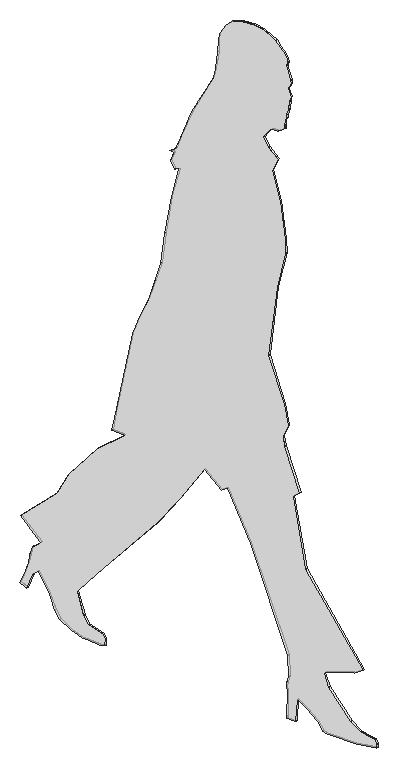
Revit family "Flat Lady 06", category Entourage, Revit 2015
Parameters
  Flat Material [instance] = none
  Height = 0 mm
Reference planes
  plane 1 "Center (Front/Back)": y = 0
  plane 2: z = 0
  plane 3 "Center (Left/Right)": x = 0
Forms (mm)
  Extrusion 1, solid, material <- "Flat Material"
    sketch origin (0, 0, 0) x (1, 0, 0) y (0, 0, 1)
      loop
        line (-488.675, 272.911) -> (-442.104, 233.936) -> (-431.136, 224.758) -> (-440.766, 217.046) -> (-454.297, 205.776) -> (-462.192, 182.668) -> (-465.578, 161.815) -> (-479.675, 125.745) -> (-489.816, 104.33) -> (-470.647, 94.749) -> (-453.736, 135.328) -> (-437.947, 149.98) -> (-406.374, 103.765) -> (-392.277, 67.697) -> (-377.615, 51.353) -> (-346.042, 34.444) -> (-315.652, 25.165) -> (-298.118, 24.864) -> (-265.417, 24.299) -> (-251.883, 28.246) -> (-251.321, 47.971) -> (-258.645, 57.552) -> (-298.681, 64.878) -> (-310.523, 82.914) -> (-328.332, 138.731) -> (-276.381, 199.291) -> (-106.889, 386.526) -> (-40.748, 472.82) -> (26.107, 568.311) -> (73.256, 531.181) -> (91.005, 543.985) -> (154.188, 426.952) -> (259.541, 184.242) -> (262.112, 131.59) -> (256.466, 115.499) -> (255.375, 102.493) -> (257.982, 93.378) -> (256.244, 30.008) -> (256.045, 24.299) -> (278.57, 24.299) -> (282.301, 26.537) -> (286.209, 82.96) -> (298.582, 76.233) -> (310.954, 69.505) -> (342.656, 48.671) -> (357.421, 29.14) -> (370.014, 24.799) -> (450.346, 29.14) -> (508.096, 39.556) -> (508.53, 48.238) -> (504.187, 59.089) -> (492.462, 60.825) -> (461.71, 65.378) -> (435.582, 79.921) -> (373.923, 144.594) -> (362.246, 175.308) -> (380.334, 184.383) -> (445.219, 203.577) -> (471.042, 221.445) -> (310.155, 417.339) -> (274.412, 587.705) -> (293.488, 601.781) -> (250.787, 704.397) -> (247.157, 728.916) -> (260.785, 760.7) -> (250.151, 808.256) -> (206.7, 916.778) -> (229.588, 1094.85) -> (253.591, 1188.97) -> (251.947, 1222.65) -> (238.801, 1312.999) -> (216.608, 1383.63) -> (232.219, 1416.49) -> (206.748, 1437.021) -> (192.192, 1458.7) -> (199.703, 1469.02) -> (212.393, 1485.601) -> (232.144, 1487.127) -> (241.947, 1492.971) -> (248.062, 1496.61) -> (251.36, 1499.549) -> (251.712, 1503.549) -> (250.647, 1508.85) -> (252.101, 1520.12) -> (257.277, 1528.24) -> (257.03, 1536.609) -> (261.95, 1551.13) -> (265.375, 1573.539) -> (266.738, 1578.1) -> (268.581, 1584.24) -> (263.568, 1596.74) -> (261.128, 1604.29) -> (264.543, 1610.87) -> (268.932, 1620.37) -> (268.241, 1627.5) -> (260.645, 1647.55) -> (258.781, 1654.279) -> (256.925, 1661.01) -> (259.355, 1669.811) -> (258.275, 1676.309) -> (252.172, 1686.771) -> (238.804, 1700.42) -> (226.606, 1712.32) -> (211.113, 1719.77) -> (191.031, 1727.63) -> (164.845, 1731.99) -> (133.858, 1728.059) -> (106.367, 1719.341) -> (84.104, 1700.58) -> (67.962, 1674.841) -> (64.901, 1658.26) -> (63.596, 1626.421) -> (57.483, 1584.1) -> (51.142, 1557.399) -> (-8.918, 1452.76) -> (-40.551, 1375.961) -> (-53.778, 1343.86) -> (-70.151, 1333.16) -> (-58.814, 1332.531) -> (-68.262, 1309.24) -> (-56.925, 1289.73) -> (-44.963, 1295.37) -> (-66.784, 1218.891) -> (-84.179, 1120.63) -> (-95.046, 1041.231) -> (-130.529, 937.62) -> (-152.398, 893.371) -> (-175.873, 838.064) -> (-219.381, 633.537) -> (-231.894, 574.264) -> (-197.315, 574.976) -> (-273.13, 514.345) -> (-353.283, 421.236) -> (-387.415, 361.539) -> (-488.675, 272.911)
    from -2.5 to 2.5
Lines and regions (mm)
  model lines
    curve 1: line (-150, 0, 0) -> (150, 0, 0)
    curve 2: line (0, -150, 0) -> (0, 150, 0)
Dimensions and locks
  aligned and locked: level to plane 2
